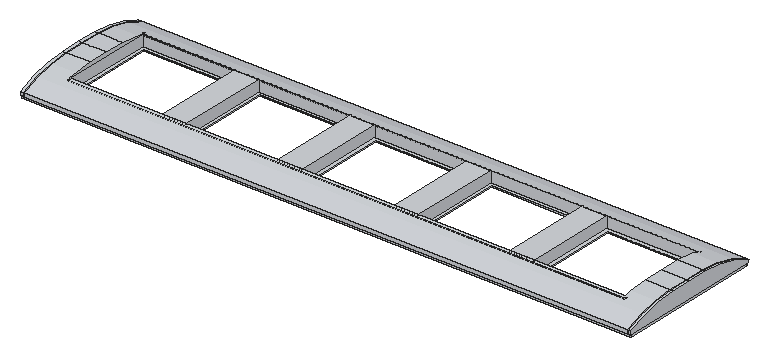
Revit family "Gira_0215773", category Electrical Fixtures, host Face, Revit 2017
Family settings
  Host = Face
  Maintain Annotation Orientation = No
  Round Connector Dimension = Use Diameter
  Part Type = Normal
  Cut with Voids When Loaded = No
  Shared = No
  Room Calculation Point = No
Parameters (values of type "Abdeckrahmen 5f Zwischenr. RW Gira Event Klar Sand")
  Werkstoffgüte = "Thermoplast"
  Werkstoff = "Kunststoff"
  URL = "http://katalog.gira.de/de_DE/datenblatt.html?artikelnr=0215773"
  Transparent = "No"
  Textfeld/Beschriftungsfläche = "No"
  Schutzart (IP) = "IP20"
  Region = "DE"
  Oberfläche = "sonstige"
  Name = "Abdeckrahmen 5f Zwischenr. RW Gira Event Klar Sand"
  Montagerichtung = "horizontal und vertikal"
  Mit Montagerahmen = "No"
  Mit Klappdeckel = "No"
  Manufacturer URL = "https://www.gira.de/"
  Keynote = "Event_Rahmen_5fach"
  HeinzeBIM = "https://bimportal.heinze.de/bim/abdeckrahmen-5f-zwischenr-rw-gira-event-klar-sand/fec51a3085bec9034ed690c51eddefa624c68939"
  Halogenfrei = "Yes"
  HAN = "0215773"
  Geeignet für Unterputz-Installation = "Yes"
  Geeignet für Unterflurkanaldose = "No"
  Geeignet für Geräteeinbaukanal = "No"
  Geeignet für Einbauinstallation = "No"
  GTIN = "4010337069584"
  Farbe = "sonstige"
  Default Elevation = 1219.2 mm
  Data sheet (1) = "https://katalog.gira.de/de_DE/download.html?artikelnr=0215773"
  Category = "Abdeckrahmen"
  Befestigungsart = "Klemmbefestigung"
  Available = "Yes"
  Ausführung der Oberfläche = "glänzend"
  Anzahl der Einheiten vertikal = "5 "
  Anzahl der Einheiten horizontal = "5 "
  Anzahl der Einheiten = "5 "
Reference planes
  plane 1 "Center (Front/Back)": y = 0
  plane 2: z = 0
  plane 3 "Center (Left/Right)": x = 0
Forms (mm)
  Extrusion 1, solid, detail levels fine
    sketch origin (0, 0, 0.05) x (0, 1, 0) y (0, 0, 1)
      loop
        arc (12.445, 9.683) -> (6.223, 9.833) -> (0, 9.85) r 291.636
        arc (0, 9.85) -> (-6.223, 9.833) -> (-12.445, 9.683) r 291.636
        arc (-12.445, 9.683) -> (-29.14, 7.482) -> (-45, 1.823) r 79.728
        line (-45, 1.823) -> (-45, -0.05) -> (-42.086, -0.05)
        arc (-42.086, -0.05) -> (-21.385, 5.559) -> (0, 7.206) r 114.424
        arc (0, 7.206) -> (21.385, 5.559) -> (42.086, -0.05) r 114.424
        line (42.086, -0.05) -> (45, -0.05) -> (45, 1.823)
        arc (45, 1.823) -> (29.14, 7.482) -> (12.445, 9.683) r 79.728
    from -185.578 to 185.593
  Extrusion 2, void, detail levels fine
    sketch origin (0, 0, 0) x (1, 0, 0) y (0, 1, 0)
      loop
        line (170.607, 28) -> (-170.593, 28) -> (-170.593, -28) -> (170.607, -28) -> (170.607, 28)
    from 0.724 to 11
  Extrusion 3, solid, detail levels coarse
    sketch origin (0, 0, 0) x (1, 0, 0) y (0, 1, 0)
      loop
        line (-187.578, 45) -> (-187.578, -45) -> (187.593, -45) -> (187.593, 45) -> (-187.578, 45)
    from -1.5 to 9.9
  Extrusion 4, solid, detail levels medium
    sketch origin (0, 0, 0.05) x (0, 1, 0) y (0, 0, 1)
      loop
        arc (12.445, 9.683) -> (6.223, 9.833) -> (0, 9.85) r 291.636
        arc (0, 9.85) -> (-6.223, 9.833) -> (-12.445, 9.683) r 291.636
        arc (-12.445, 9.683) -> (-29.14, 7.482) -> (-45, 1.823) r 79.728
        line (-45, 1.823) -> (-45, -0.05) -> (45, -0.05) -> (45, 1.823)
        arc (45, 1.823) -> (29.14, 7.482) -> (12.445, 9.683) r 79.728
    from -187.578 to 187.593
  Extrusion 5, solid, detail levels fine
    sketch origin (-142.578, 0, -1.5) x (0, 1, 0) y (0, 0, -1)
      loop
        line (45, -3.373) -> (45, -1.5) -> (-45, -1.5) -> (-45, -3.373)
        arc (-45, -3.373) -> (-29.14, -9.032) -> (-12.445, -11.233) r 79.728
        arc (-12.445, -11.233) -> (-6.223, -11.383) -> (0, -11.4) r 291.636
        arc (0, -11.4) -> (6.223, -11.383) -> (12.445, -11.233) r 291.636
        arc (12.445, -11.233) -> (29.14, -9.032) -> (45, -3.373) r 79.728
    from 43 to 45
  Extrusion 6, solid, detail levels fine
    sketch origin (0, 0, 0) x (1, 0, 0) y (0, 1, 0)
      loop
        line (-168.493, 25.7) -> (-168.493, -25.7) -> (-116.693, -25.7) -> (-116.693, 25.7) -> (-168.493, 25.7)
      loop
        line (-45.398, -25.7) -> (-45.398, 25.7) -> (-97.198, 25.7) -> (-97.198, -25.7) -> (-45.398, -25.7)
      loop
        line (-171.487, 28.49) -> (-171.487, -28.495)
        spline (-171.487, -28.495) -> (-171.479, -28.625) -> (-171.453, -28.754) -> (-171.411, -28.878) -> (-171.353, -28.995) -> (-171.281, -29.104) -> (-171.194, -29.202) -> (-171.096, -29.288) -> (-170.987, -29.361) -> (-170.87, -29.419) -> (-170.746, -29.461) -> (-170.618, -29.486) -> (-170.487, -29.495)
        line (-170.487, -29.495) -> (170.502, -29.495)
        spline (170.502, -29.495) -> (170.633, -29.486) -> (170.761, -29.461) -> (170.885, -29.419) -> (171.002, -29.361) -> (171.111, -29.288) -> (171.209, -29.202) -> (171.296, -29.104) -> (171.368, -28.995) -> (171.426, -28.878) -> (171.468, -28.754) -> (171.494, -28.625) -> (171.502, -28.495)
        line (171.502, -28.495) -> (171.502, 28.49)
        spline (171.502, 28.49) -> (171.494, 28.62) -> (171.468, 28.748) -> (171.426, 28.872) -> (171.368, 28.99) -> (171.296, 29.098) -> (171.209, 29.197) -> (171.111, 29.283) -> (171.002, 29.356) -> (170.885, 29.413) -> (170.761, 29.456) -> (170.633, 29.481) -> (170.502, 29.49)
        line (170.502, 29.49) -> (-170.487, 29.49)
        spline (-170.487, 29.49) -> (-170.618, 29.481) -> (-170.746, 29.456) -> (-170.87, 29.413) -> (-170.987, 29.356) -> (-171.096, 29.283) -> (-171.194, 29.197) -> (-171.281, 29.098) -> (-171.353, 28.99) -> (-171.411, 28.872) -> (-171.453, 28.748) -> (-171.479, 28.62) -> (-171.487, 28.49)
      loop
        line (25.902, -25.7) -> (25.902, 25.7) -> (-25.898, 25.7) -> (-25.898, -25.7) -> (25.902, -25.7)
      loop
        line (97.207, -25.7) -> (97.207, 25.7) -> (45.407, 25.7) -> (45.407, -25.7) -> (97.207, -25.7)
      loop
        line (168.507, -25.7) -> (168.507, 25.7) -> (116.707, 25.7) -> (116.707, -25.7) -> (168.507, -25.7)
    from 0.1 to 7.3
  Extrusion 7, solid
    sketch origin (0, 0, 0) x (1, 0, 0) y (0, 1, 0)
      loop
        arc (-187.293, -44.218) -> (-187.146, -44.572) -> (-186.793, -44.718) r 0.5
        line (-186.793, -44.718) -> (186.807, -44.718)
        arc (186.807, -44.718) -> (187.161, -44.572) -> (187.307, -44.218) r 0.5
        line (187.307, -44.218) -> (187.307, 44.182)
        arc (187.307, 44.182) -> (187.161, 44.535) -> (186.807, 44.682) r 0.5
        line (186.807, 44.682) -> (-186.793, 44.682)
        arc (-186.793, 44.682) -> (-187.146, 44.535) -> (-187.293, 44.182) r 0.5
        line (-187.293, 44.182) -> (-187.293, -44.218)
      loop
        line (-185.593, 42.982) -> (-185.593, -43.018) -> (185.607, -43.018) -> (185.607, 42.982) -> (-185.593, 42.982)
    from -1.5 to 0.5
  Extrusion 8, solid, detail levels fine
    sketch origin (142.593, 0, -1.5) x (0, 1, 0) y (0, 0, 1)
      loop
        arc (45, 3.373) -> (29.14, 9.032) -> (12.445, 11.233) r 79.728
        arc (12.445, 11.233) -> (6.223, 11.383) -> (0, 11.4) r 291.636
        arc (0, 11.4) -> (-6.223, 11.383) -> (-12.445, 11.233) r 291.636
        arc (-12.445, 11.233) -> (-29.14, 9.032) -> (-45, 3.373) r 79.728
        line (-45, 3.373) -> (-45, 1.5) -> (45, 1.5) -> (45, 3.373)
    from 43 to 45
  Extrusion 9, solid, detail levels medium
    sketch origin (0, 0, 0) x (1, 0, 0) y (0, 1, 0)
      loop
        line (-187.293, -44.718) -> (187.307, -44.718) -> (187.307, 44.682) -> (-187.293, 44.682) -> (-187.293, -44.718)
    from -1.5 to 0.5
  Extrusion 10, solid, detail levels fine
    sketch origin (-105.5, 0, 0) x (1, 0, 0) y (0, 1, 0)
      loop
        line (-8.943, 28.063) -> (-8.943, -27.937) -> (6.057, -27.937) -> (6.057, 28.063) -> (-8.943, 28.063)
    from 0.724 to 7.566
  Extrusion 11, solid, detail levels fine
    sketch origin (-37.085, 0, 0) x (-1, 0, 0) y (0, -1, 0)
      loop
        line (-8.943, -28.063) -> (6.057, -28.063) -> (6.057, 27.937) -> (-8.943, 27.937) -> (-8.943, -28.063)
    from 0.724 to 7.566
  Extrusion 12, solid, detail levels fine
    sketch origin (105.5, 0, 0) x (-1, 0, 0) y (0, -1, 0)
      loop
        line (-8.943, -28.063) -> (6.057, -28.063) -> (6.057, 27.937) -> (-8.943, 27.937) -> (-8.943, -28.063)
    from 0.724 to 7.566
  Extrusion 13, solid, detail levels fine
    sketch origin (37.085, 0, 0) x (1, 0, 0) y (0, 1, 0)
      loop
        line (-8.943, 28.063) -> (-8.943, -27.937) -> (6.057, -27.937) -> (6.057, 28.063) -> (-8.943, 28.063)
    from 0.724 to 7.566
Cuts and joins
  Extrusion 2 cuts Extrusion 1
  Extrusion 2 cuts Extrusion 6
Dimensions and locks
  aligned and locked: plane 2 to host face
  aligned and locked: level to host face
